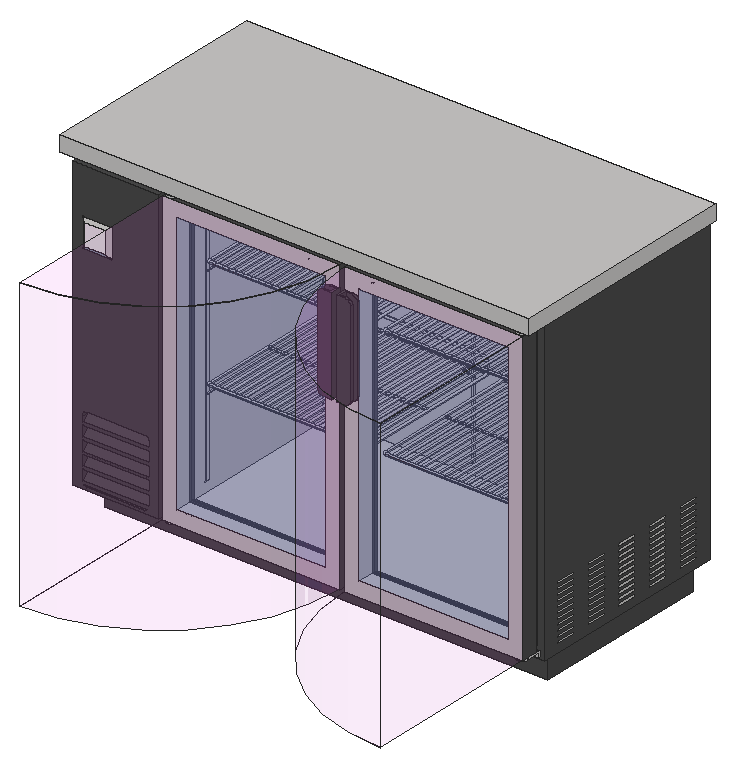
Revit family "QF_Kelvinator_738272_KCHBB48G_2-Glass_Door_Back_Bar_Refrigerator_Black_49_Long", category Specialty Equipment, Revit 2021
Family settings
  Round Connector Dimension = Use Diameter
  Part Type = Normal
  Work Plane-Based = No
  Always vertical = Yes
  Cut with Voids When Loaded = No
  Shared = No
  Room Calculation Point = No
Parameters
  Weight in Pounds = 231.485
  Watts = 300 W
  Volts = 115 V
  URL Cutsheet = ""
  Specification by User = ""
  Specification by Manufacturer = ""
  Serial Number = ""
  Seismic Rating = ""
  SMACNA No = ""
  Revision Code = ""
  Refrigerant Type = "R290"
  Phase = 1
  Number of Poles = 1
  NAFEM Spec ID Number = ""
  Model = "738272 (KCHBB48G)"
  Min Ckt Ampacity = 0 A
  Max Overcurrent Protection = 0 A
  Masterspec = ""
  Manufacturer = "Kelvinator Commercial"
  Length = 49.094"
  Item Number = "738272"
  Installed By = ""
  Identify Quantity as Lot = yes
  Height = 36.220"
  HP = "1/5"
  Furnished By = ""
  Foodservice Equipment Identifier = yes
  FL Amps = 3 A
  Electrical Remarks = ""
  Electric Connection Type = ""
  Elec Conn RI Height = 0.000"
  Elec Conn Connection Height = 0.000"
  Description = "2-Glass Door Back Bar Refrigerator Black 49\" Long"
  Depth = 24.409"
  Default Elevation = 0.000"
  Cycle = 60 Hz
  Conn Plug = "5-15P"
  Conn Conduit = yes
  CSI MasterFormat = ""
  Apparent Power = 0 VA
Reference planes (in)
  plane 1 "BACK": y = 0
  plane 2: z = 0
  plane 3 "LEFT": x = 0
  plane 4 "RIGHT": x = 49.094
  plane 5 "FRONT": y = -24.409
  plane 6 "TOP": z = 36.22
  plane 7 "Center Y": x = 24.547
  plane 8 "Center X": y = -12.2045
Dimensions and locks (in)
  equal spacing: plane 3 "LEFT", plane 7 "Center Y", plane 4 "RIGHT"
  "Length": plane 3 "LEFT" to plane 4 "RIGHT"
  equal spacing: plane 5 "FRONT", plane 8 "Center X", plane 1 "BACK"
  "Depth": plane 5 "FRONT" to plane 1 "BACK"
  "Height": plane 6 "TOP" to level
  aligned and locked: level to plane 2
Nested families (in)
  nested 1: "KCHBB48S" at (0, 0, 0), type "KCHBB48S"
    with Show Clearance yes
Connectors (in)
  electrical at (24.53125, -0.715, 2.1875), driven by "Volts", driven by "Watts"
    settings: on nested 1, index 1, voltage 115 V, apparent load 300 VA, apparent load phase1 0 VA, apparent load phase2 0 VA, apparent load phase3 0 VA, power factor 1, load classification "Other", number of poles 1, system type 30, power factor state 1, is connector primary yes, connector utility no, sub classification motor no, connector description ""
Definition of nested family "KCHBB48S"
  Parameters (values of type "KCHBB48S")
    Weight in Pounds = 0
    URL Cutsheet = ""
    Specification by User = ""
    Specification by Manufacturer = ""
    Show Clearance [instance] = yes
    Serial Number = ""
    Seismic Rating = ""
    SMACNA No = ""
    Revision Code = ""
    NAFEM Spec ID Number = ""
    Masterspec = ""
    Length = 49.0625"
    Item Number = ""
    Installed By = ""
    Identify Quantity as Lot = yes
    Height = 36.1875"
    Furnished By = ""
    Foodservice Equipment Identifier = yes
    Depth = 24.4375"
    Default Elevation = 0.000"
    CSI MasterFormat = ""
  Reference planes (in)
    plane 1 "BACK": y = 0
    plane 2: z = 0
    plane 3 "LEFT": x = 0
    plane 4 "RIGHT": x = 49.0625
    plane 5 "FRONT": y = -24.4375
    plane 6 "TOP": z = 36.1875
    plane 7 "Center Y": x = 24.53125
    plane 8 "Center X": y = -12.21875
    plane 9: x = 48.46875
    plane 10: x = 0.59375
    plane 11: x = 47.96875
    plane 12: x = 29.36875
    plane 13: x = 28.86875
    plane 14: x = 10.26875
    plane 15: x = 9.93375
    plane 16: x = 0.93375
    plane 17: z = 2.6875
    plane 18: z = 34.5875
    plane 19: y = -40.8
    plane 20: y = -21.6
    plane 21: x = 1.34375
    plane 22: x = 47.71875
    plane 23: y = -1.34
    plane 24: y = -20.26
    plane 25: z = 33.8375
    plane 26: z = 3.4375
    plane 27: y = -22.1
    plane 28: x = 1.93375
    plane 29: x = 8.93375
    plane 30: x = 10.96025
  Forms (in)
    Extrusion 1, solid
      sketch origin (0.59375, -180, -2.6612) x (0, 0, -1) y (0, -1, 0)
        loop
          line (-5.3487, -180) -> (-5.3487, -158.4) -> (-37.2487, -158.4) -> (-37.2487, -180) -> (-5.3487, -180)
      from 0 to -47.875
    Extrusion 2, solid
      sketch origin (0, 0, 0) x (0, 1, 0) y (0, 0, 1)
        loop
          line (-24.4375, 36.1875) -> (-24.4375, 34.5875) -> (0, 34.5875) -> (0, 36.1875) -> (-24.4375, 36.1875)
      from 0 to 49.0625
    Extrusion 3, solid
      sketch origin (0, -1.34, 0) x (0, 0, -1) y (1, 0, 0)
        loop
          line (-2.6875, 1.34375) -> (0, 1.34375) -> (0, 47.71875) -> (-2.6875, 47.71875) -> (-2.6875, 1.34375)
      from 0 to 18.92
    Extrusion 4, solid
      sketch origin (0, -22.1, 34.5875) x (0, 0, 1) y (1, 0, 0)
        loop
          line (-0.75, 0.93375) -> (-0.75, 9.93375) -> (-31.15, 9.93375) -> (-31.15, 0.93375) -> (-0.75, 0.93375)
      from 0.5 to -1.75
    Extrusion 5, void
      sketch origin (1.93375, -180, 12.66737) x (0, 0, -1) y (0, -1, 0)
        loop
          line (8.97987, -157.025) -> (8.97987, -154.65) -> (1.85487, -154.65) -> (1.85487, -157.025) -> (2.10487, -157.025) -> (2.97987, -156.15) -> (3.22987, -156.15) -> (3.22987, -157.025) -> (3.47987, -157.025) -> (4.35487, -156.15) -> (4.60487, -156.15) -> (4.60487, -157.025) -> (4.85487, -157.025) -> (5.72987, -156.15) -> (5.97987, -156.15) -> (5.97987, -157.025) -> (6.22987, -157.025) -> (7.10487, -156.15) -> (7.35487, -156.15) -> (7.35487, -157.025) -> (7.60487, -157.025) -> (8.47987, -156.15) -> (8.72987, -156.15) -> (8.72987, -157.025) -> (8.97987, -157.025)
      from 0 to -7
    Extrusion 6, solid
      sketch origin (47.96875, -23.85, 3.4375) x (0, 0, 1) y (-1, 0, 0)
        loop
          line (7.375, 39.535) -> (7.375, 45.535)
          arc (7.375, 45.535) -> (7.22855, 45.88855) -> (6.875, 46.035) r 0.5
          line (6.875, 46.035) -> (0.75, 46.035)
          arc (0.75, 46.035) -> (0.39645, 45.88855) -> (0.25, 45.535) r 0.5
          line (0.25, 45.535) -> (0.25, 39.535)
          arc (0.25, 39.535) -> (0.39645, 39.18145) -> (0.75, 39.035) r 0.5
          line (0.75, 39.035) -> (6.875, 39.035)
          arc (6.875, 39.035) -> (7.22855, 39.18145) -> (7.375, 39.535) r 0.5
        loop
          line (7.625, 39.535) -> (7.625, 45.535)
          arc (7.625, 45.535) -> (7.40533, 46.06533) -> (6.875, 46.285) r 0.75
          line (6.875, 46.285) -> (0.75, 46.285)
          arc (0.75, 46.285) -> (0.21967, 46.06533) -> (0, 45.535) r 0.75
          line (0, 45.535) -> (0, 39.535)
          arc (0, 39.535) -> (0.21967, 39.00467) -> (0.75, 38.785) r 0.75
          line (0.75, 38.785) -> (6.875, 38.785)
          arc (6.875, 38.785) -> (7.40533, 39.00467) -> (7.625, 39.535) r 0.75
      from 0 to -0.875
    Blend 7, solid
      base sketch origin (47.96875, -23.85, 3.4375) x (0, 0, 1) y (-1, 0, 0)
        loop
          line (25.18493, 45.65025) -> (22.93493, 45.65025) -> (22.93493, 43.40025) -> (25.18493, 43.40025) -> (25.18493, 45.65025)
      top sketch origin (47.96875, -23.85, 3.4375) x (0, 0, 1) y (-1, 0, 0)
        loop
          line (25.56493, 46.03025) -> (22.55493, 46.03025) -> (22.55493, 43.02025) -> (25.56493, 43.02025) -> (25.56493, 46.03025)
      from 0.21643 to 0
    Extrusion 8, void
      sketch origin (0.59375, -180, -2.6612) x (0, 0, 1) y (0, -1, 0)
        loop
          arc (12.07129, -160.16063) -> (11.91504, -160.00438) -> (11.75879, -160.16063) r 0.15625
          line (11.75879, -160.16063) -> (11.75879, -162.09813)
          arc (11.75879, -162.09813) -> (11.91504, -162.25438) -> (12.07129, -162.09813) r 0.15625
          line (12.07129, -162.09813) -> (12.07129, -160.16063)
        loop
          arc (11.50879, -160.16063) -> (11.35254, -160.00438) -> (11.19629, -160.16063) r 0.15625
          line (11.19629, -160.16063) -> (11.19629, -162.09813)
          arc (11.19629, -162.09813) -> (11.35254, -162.25438) -> (11.50879, -162.09813) r 0.15625
          line (11.50879, -162.09813) -> (11.50879, -160.16063)
        loop
          arc (10.94629, -160.16063) -> (10.79004, -160.00438) -> (10.63379, -160.16063) r 0.15625
          line (10.63379, -160.16063) -> (10.63379, -162.09813)
          arc (10.63379, -162.09813) -> (10.79004, -162.25438) -> (10.94629, -162.09813) r 0.15625
          line (10.94629, -162.09813) -> (10.94629, -160.16063)
        loop
          arc (10.38379, -160.16063) -> (10.22754, -160.00438) -> (10.07129, -160.16063) r 0.15625
          line (10.07129, -160.16063) -> (10.07129, -162.09813)
          arc (10.07129, -162.09813) -> (10.22754, -162.25438) -> (10.38379, -162.09813) r 0.15625
          line (10.38379, -162.09813) -> (10.38379, -160.16063)
        loop
          arc (9.82129, -160.16063) -> (9.66504, -160.00438) -> (9.50879, -160.16063) r 0.15625
          line (9.50879, -160.16063) -> (9.50879, -162.09813)
          arc (9.50879, -162.09813) -> (9.66504, -162.25438) -> (9.82129, -162.09813) r 0.15625
          line (9.82129, -162.09813) -> (9.82129, -160.16063)
        loop
          arc (9.25879, -160.16063) -> (9.10254, -160.00438) -> (8.94629, -160.16063) r 0.15625
          line (8.94629, -160.16063) -> (8.94629, -162.09813)
          arc (8.94629, -162.09813) -> (9.10254, -162.25438) -> (9.25879, -162.09813) r 0.15625
          line (9.25879, -162.09813) -> (9.25879, -160.16063)
        loop
          arc (8.69629, -160.16063) -> (8.54004, -160.00438) -> (8.38379, -160.16063) r 0.15625
          line (8.38379, -160.16063) -> (8.38379, -162.09813)
          arc (8.38379, -162.09813) -> (8.54004, -162.25438) -> (8.69629, -162.09813) r 0.15625
          line (8.69629, -162.09813) -> (8.69629, -160.16063)
        loop
          arc (8.13379, -160.16063) -> (7.97754, -160.00438) -> (7.82129, -160.16063) r 0.15625
          line (7.82129, -160.16063) -> (7.82129, -162.09813)
          arc (7.82129, -162.09813) -> (7.97754, -162.25438) -> (8.13379, -162.09813) r 0.15625
          line (8.13379, -162.09813) -> (8.13379, -160.16063)
        loop
          arc (7.57129, -160.16063) -> (7.41504, -160.00438) -> (7.25879, -160.16063) r 0.15625
          line (7.25879, -160.16063) -> (7.25879, -162.09813)
          arc (7.25879, -162.09813) -> (7.41504, -162.25438) -> (7.57129, -162.09813) r 0.15625
          line (7.57129, -162.09813) -> (7.57129, -160.16063)
        loop
          arc (7.00879, -160.16063) -> (6.85254, -160.00438) -> (6.69629, -160.16063) r 0.15625
          line (6.69629, -160.16063) -> (6.69629, -162.09813)
          arc (6.69629, -162.09813) -> (6.85254, -162.25438) -> (7.00879, -162.09813) r 0.15625
          line (7.00879, -162.09813) -> (7.00879, -160.16063)
        loop
          arc (6.44629, -160.16063) -> (6.29004, -160.00438) -> (6.13379, -160.16063) r 0.15625
          line (6.13379, -160.16063) -> (6.13379, -162.09813)
          arc (6.13379, -162.09813) -> (6.29004, -162.25438) -> (6.44629, -162.09813) r 0.15625
          line (6.44629, -162.09813) -> (6.44629, -160.16063)
        loop
          arc (12.07129, -164.16063) -> (11.91504, -164.00438) -> (11.75879, -164.16063) r 0.15625
          line (11.75879, -164.16063) -> (11.75879, -166.09813)
          arc (11.75879, -166.09813) -> (11.91504, -166.25438) -> (12.07129, -166.09813) r 0.15625
          line (12.07129, -166.09813) -> (12.07129, -164.16063)
        loop
          arc (11.50879, -164.16063) -> (11.35254, -164.00438) -> (11.19629, -164.16063) r 0.15625
          line (11.19629, -164.16063) -> (11.19629, -166.09813)
          arc (11.19629, -166.09813) -> (11.35254, -166.25438) -> (11.50879, -166.09813) r 0.15625
          line (11.50879, -166.09813) -> (11.50879, -164.16063)
        loop
          arc (10.94629, -164.16063) -> (10.79004, -164.00438) -> (10.63379, -164.16063) r 0.15625
          line (10.63379, -164.16063) -> (10.63379, -166.09813)
          arc (10.63379, -166.09813) -> (10.79004, -166.25438) -> (10.94629, -166.09813) r 0.15625
          line (10.94629, -166.09813) -> (10.94629, -164.16063)
        loop
          arc (10.38379, -164.16063) -> (10.22754, -164.00438) -> (10.07129, -164.16063) r 0.15625
          line (10.07129, -164.16063) -> (10.07129, -166.09813)
          arc (10.07129, -166.09813) -> (10.22754, -166.25438) -> (10.38379, -166.09813) r 0.15625
          line (10.38379, -166.09813) -> (10.38379, -164.16063)
        loop
          arc (9.82129, -164.16063) -> (9.66504, -164.00438) -> (9.50879, -164.16063) r 0.15625
          line (9.50879, -164.16063) -> (9.50879, -166.09813)
          arc (9.50879, -166.09813) -> (9.66504, -166.25438) -> (9.82129, -166.09813) r 0.15625
          line (9.82129, -166.09813) -> (9.82129, -164.16063)
        loop
          arc (9.25879, -164.16063) -> (9.10254, -164.00438) -> (8.94629, -164.16063) r 0.15625
          line (8.94629, -164.16063) -> (8.94629, -166.09813)
          arc (8.94629, -166.09813) -> (9.10254, -166.25438) -> (9.25879, -166.09813) r 0.15625
          line (9.25879, -166.09813) -> (9.25879, -164.16063)
        loop
          arc (8.69629, -164.16063) -> (8.54004, -164.00438) -> (8.38379, -164.16063) r 0.15625
          line (8.38379, -164.16063) -> (8.38379, -166.09813)
          arc (8.38379, -166.09813) -> (8.54004, -166.25438) -> (8.69629, -166.09813) r 0.15625
          line (8.69629, -166.09813) -> (8.69629, -164.16063)
        loop
          arc (8.13379, -164.16063) -> (7.97754, -164.00438) -> (7.82129, -164.16063) r 0.15625
          line (7.82129, -164.16063) -> (7.82129, -166.09813)
          arc (7.82129, -166.09813) -> (7.97754, -166.25438) -> (8.13379, -166.09813) r 0.15625
          line (8.13379, -166.09813) -> (8.13379, -164.16063)
        loop
          arc (7.57129, -164.16063) -> (7.41504, -164.00438) -> (7.25879, -164.16063) r 0.15625
          line (7.25879, -164.16063) -> (7.25879, -166.09813)
          arc (7.25879, -166.09813) -> (7.41504, -166.25438) -> (7.57129, -166.09813) r 0.15625
          line (7.57129, -166.09813) -> (7.57129, -164.16063)
        loop
          arc (7.00879, -164.16063) -> (6.85254, -164.00438) -> (6.69629, -164.16063) r 0.15625
          line (6.69629, -164.16063) -> (6.69629, -166.09813)
          arc (6.69629, -166.09813) -> (6.85254, -166.25438) -> (7.00879, -166.09813) r 0.15625
          line (7.00879, -166.09813) -> (7.00879, -164.16063)
        loop
          arc (6.44629, -164.16063) -> (6.29004, -164.00438) -> (6.13379, -164.16063) r 0.15625
          line (6.13379, -164.16063) -> (6.13379, -166.09813)
          arc (6.13379, -166.09813) -> (6.29004, -166.25438) -> (6.44629, -166.09813) r 0.15625
          line (6.44629, -166.09813) -> (6.44629, -164.16063)
        loop
          arc (12.07129, -168.16063) -> (11.91504, -168.00438) -> (11.75879, -168.16063) r 0.15625
          line (11.75879, -168.16063) -> (11.75879, -170.09813)
          arc (11.75879, -170.09813) -> (11.91504, -170.25438) -> (12.07129, -170.09813) r 0.15625
          line (12.07129, -170.09813) -> (12.07129, -168.16063)
        loop
          arc (11.50879, -168.16063) -> (11.35254, -168.00438) -> (11.19629, -168.16063) r 0.15625
          line (11.19629, -168.16063) -> (11.19629, -170.09813)
          arc (11.19629, -170.09813) -> (11.35254, -170.25438) -> (11.50879, -170.09813) r 0.15625
          line (11.50879, -170.09813) -> (11.50879, -168.16063)
        loop
          arc (10.94629, -168.16063) -> (10.79004, -168.00438) -> (10.63379, -168.16063) r 0.15625
          line (10.63379, -168.16063) -> (10.63379, -170.09813)
          arc (10.63379, -170.09813) -> (10.79004, -170.25438) -> (10.94629, -170.09813) r 0.15625
          line (10.94629, -170.09813) -> (10.94629, -168.16063)
        loop
          arc (10.38379, -168.16063) -> (10.22754, -168.00438) -> (10.07129, -168.16063) r 0.15625
          line (10.07129, -168.16063) -> (10.07129, -170.09813)
          arc (10.07129, -170.09813) -> (10.22754, -170.25438) -> (10.38379, -170.09813) r 0.15625
          line (10.38379, -170.09813) -> (10.38379, -168.16063)
        loop
          arc (9.82129, -168.16063) -> (9.66504, -168.00438) -> (9.50879, -168.16063) r 0.15625
          line (9.50879, -168.16063) -> (9.50879, -170.09813)
          arc (9.50879, -170.09813) -> (9.66504, -170.25438) -> (9.82129, -170.09813) r 0.15625
          line (9.82129, -170.09813) -> (9.82129, -168.16063)
        loop
          arc (9.25879, -168.16063) -> (9.10254, -168.00438) -> (8.94629, -168.16063) r 0.15625
          line (8.94629, -168.16063) -> (8.94629, -170.09813)
          arc (8.94629, -170.09813) -> (9.10254, -170.25438) -> (9.25879, -170.09813) r 0.15625
          line (9.25879, -170.09813) -> (9.25879, -168.16063)
        loop
          arc (8.69629, -168.16063) -> (8.54004, -168.00438) -> (8.38379, -168.16063) r 0.15625
          line (8.38379, -168.16063) -> (8.38379, -170.09813)
          arc (8.38379, -170.09813) -> (8.54004, -170.25438) -> (8.69629, -170.09813) r 0.15625
          line (8.69629, -170.09813) -> (8.69629, -168.16063)
        loop
          arc (8.13379, -168.16063) -> (7.97754, -168.00438) -> (7.82129, -168.16063) r 0.15625
          line (7.82129, -168.16063) -> (7.82129, -170.09813)
          arc (7.82129, -170.09813) -> (7.97754, -170.25438) -> (8.13379, -170.09813) r 0.15625
          line (8.13379, -170.09813) -> (8.13379, -168.16063)
        loop
          arc (7.57129, -168.16063) -> (7.41504, -168.00438) -> (7.25879, -168.16063) r 0.15625
          line (7.25879, -168.16063) -> (7.25879, -170.09813)
          arc (7.25879, -170.09813) -> (7.41504, -170.25438) -> (7.57129, -170.09813) r 0.15625
          line (7.57129, -170.09813) -> (7.57129, -168.16063)
        loop
          arc (7.00879, -168.16063) -> (6.85254, -168.00438) -> (6.69629, -168.16063) r 0.15625
          line (6.69629, -168.16063) -> (6.69629, -170.09813)
          arc (6.69629, -170.09813) -> (6.85254, -170.25438) -> (7.00879, -170.09813) r 0.15625
          line (7.00879, -170.09813) -> (7.00879, -168.16063)
        loop
          arc (6.44629, -168.16063) -> (6.29004, -168.00438) -> (6.13379, -168.16063) r 0.15625
          line (6.13379, -168.16063) -> (6.13379, -170.09813)
          arc (6.13379, -170.09813) -> (6.29004, -170.25438) -> (6.44629, -170.09813) r 0.15625
          line (6.44629, -170.09813) -> (6.44629, -168.16063)
        loop
          arc (12.07129, -172.16063) -> (11.91504, -172.00438) -> (11.75879, -172.16063) r 0.15625
          line (11.75879, -172.16063) -> (11.75879, -174.09813)
          arc (11.75879, -174.09813) -> (11.91504, -174.25438) -> (12.07129, -174.09813) r 0.15625
          line (12.07129, -174.09813) -> (12.07129, -172.16063)
        loop
          arc (11.50879, -172.16063) -> (11.35254, -172.00438) -> (11.19629, -172.16063) r 0.15625
          line (11.19629, -172.16063) -> (11.19629, -174.09813)
          arc (11.19629, -174.09813) -> (11.35254, -174.25438) -> (11.50879, -174.09813) r 0.15625
          line (11.50879, -174.09813) -> (11.50879, -172.16063)
        loop
          arc (10.94629, -172.16063) -> (10.79004, -172.00438) -> (10.63379, -172.16063) r 0.15625
          line (10.63379, -172.16063) -> (10.63379, -174.09813)
          arc (10.63379, -174.09813) -> (10.79004, -174.25438) -> (10.94629, -174.09813) r 0.15625
          line (10.94629, -174.09813) -> (10.94629, -172.16063)
        loop
          arc (10.38379, -172.16063) -> (10.22754, -172.00438) -> (10.07129, -172.16063) r 0.15625
          line (10.07129, -172.16063) -> (10.07129, -174.09813)
          arc (10.07129, -174.09813) -> (10.22754, -174.25438) -> (10.38379, -174.09813) r 0.15625
          line (10.38379, -174.09813) -> (10.38379, -172.16063)
        loop
          arc (9.82129, -172.16063) -> (9.66504, -172.00438) -> (9.50879, -172.16063) r 0.15625
          line (9.50879, -172.16063) -> (9.50879, -174.09813)
          arc (9.50879, -174.09813) -> (9.66504, -174.25438) -> (9.82129, -174.09813) r 0.15625
          line (9.82129, -174.09813) -> (9.82129, -172.16063)
        loop
          arc (9.25879, -172.16063) -> (9.10254, -172.00438) -> (8.94629, -172.16063) r 0.15625
          line (8.94629, -172.16063) -> (8.94629, -174.09813)
          arc (8.94629, -174.09813) -> (9.10254, -174.25438) -> (9.25879, -174.09813) r 0.15625
          line (9.25879, -174.09813) -> (9.25879, -172.16063)
        loop
          arc (8.69629, -172.16063) -> (8.54004, -172.00438) -> (8.38379, -172.16063) r 0.15625
          line (8.38379, -172.16063) -> (8.38379, -174.09813)
          arc (8.38379, -174.09813) -> (8.54004, -174.25438) -> (8.69629, -174.09813) r 0.15625
          line (8.69629, -174.09813) -> (8.69629, -172.16063)
        loop
          arc (8.13379, -172.16063) -> (7.97754, -172.00438) -> (7.82129, -172.16063) r 0.15625
          line (7.82129, -172.16063) -> (7.82129, -174.09813)
          arc (7.82129, -174.09813) -> (7.97754, -174.25438) -> (8.13379, -174.09813) r 0.15625
          line (8.13379, -174.09813) -> (8.13379, -172.16063)
        loop
          arc (7.57129, -172.16063) -> (7.41504, -172.00438) -> (7.25879, -172.16063) r 0.15625
          line (7.25879, -172.16063) -> (7.25879, -174.09813)
          arc (7.25879, -174.09813) -> (7.41504, -174.25438) -> (7.57129, -174.09813) r 0.15625
          line (7.57129, -174.09813) -> (7.57129, -172.16063)
        loop
          arc (7.00879, -172.16063) -> (6.85254, -172.00438) -> (6.69629, -172.16063) r 0.15625
          line (6.69629, -172.16063) -> (6.69629, -174.09813)
          arc (6.69629, -174.09813) -> (6.85254, -174.25438) -> (7.00879, -174.09813) r 0.15625
          line (7.00879, -174.09813) -> (7.00879, -172.16063)
        loop
          arc (6.44629, -172.16063) -> (6.29004, -172.00438) -> (6.13379, -172.16063) r 0.15625
          line (6.13379, -172.16063) -> (6.13379, -174.09813)
          arc (6.13379, -174.09813) -> (6.29004, -174.25438) -> (6.44629, -174.09813) r 0.15625
          line (6.44629, -174.09813) -> (6.44629, -172.16063)
        loop
          arc (12.07129, -176.16063) -> (11.91504, -176.00438) -> (11.75879, -176.16063) r 0.15625
          line (11.75879, -176.16063) -> (11.75879, -178.09813)
          arc (11.75879, -178.09813) -> (11.91504, -178.25438) -> (12.07129, -178.09813) r 0.15625
          line (12.07129, -178.09813) -> (12.07129, -176.16063)
        loop
          arc (11.50879, -176.16063) -> (11.35254, -176.00438) -> (11.19629, -176.16063) r 0.15625
          line (11.19629, -176.16063) -> (11.19629, -178.09813)
          arc (11.19629, -178.09813) -> (11.35254, -178.25438) -> (11.50879, -178.09813) r 0.15625
          line (11.50879, -178.09813) -> (11.50879, -176.16063)
        loop
          arc (10.94629, -176.16063) -> (10.79004, -176.00438) -> (10.63379, -176.16063) r 0.15625
          line (10.63379, -176.16063) -> (10.63379, -178.09813)
          arc (10.63379, -178.09813) -> (10.79004, -178.25438) -> (10.94629, -178.09813) r 0.15625
          line (10.94629, -178.09813) -> (10.94629, -176.16063)
        loop
          arc (10.38379, -176.16063) -> (10.22754, -176.00438) -> (10.07129, -176.16063) r 0.15625
          line (10.07129, -176.16063) -> (10.07129, -178.09813)
          arc (10.07129, -178.09813) -> (10.22754, -178.25438) -> (10.38379, -178.09813) r 0.15625
          line (10.38379, -178.09813) -> (10.38379, -176.16063)
        loop
          arc (9.82129, -176.16063) -> (9.66504, -176.00438) -> (9.50879, -176.16063) r 0.15625
          line (9.50879, -176.16063) -> (9.50879, -178.09813)
          arc (9.50879, -178.09813) -> (9.66504, -178.25438) -> (9.82129, -178.09813) r 0.15625
          line (9.82129, -178.09813) -> (9.82129, -176.16063)
        loop
          arc (9.25879, -176.16063) -> (9.10254, -176.00438) -> (8.94629, -176.16063) r 0.15625
          line (8.94629, -176.16063) -> (8.94629, -178.09813)
          arc (8.94629, -178.09813) -> (9.10254, -178.25438) -> (9.25879, -178.09813) r 0.15625
          line (9.25879, -178.09813) -> (9.25879, -176.16063)
        loop
          arc (8.69629, -176.16063) -> (8.54004, -176.00438) -> (8.38379, -176.16063) r 0.15625
          line (8.38379, -176.16063) -> (8.38379, -178.09813)
          arc (8.38379, -178.09813) -> (8.54004, -178.25438) -> (8.69629, -178.09813) r 0.15625
          line (8.69629, -178.09813) -> (8.69629, -176.16063)
        loop
          arc (8.13379, -176.16063) -> (7.97754, -176.00438) -> (7.82129, -176.16063) r 0.15625
          line (7.82129, -176.16063) -> (7.82129, -178.09813)
          arc (7.82129, -178.09813) -> (7.97754, -178.25438) -> (8.13379, -178.09813) r 0.15625
          line (8.13379, -178.09813) -> (8.13379, -176.16063)
        loop
          arc (7.57129, -176.16063) -> (7.41504, -176.00438) -> (7.25879, -176.16063) r 0.15625
          line (7.25879, -176.16063) -> (7.25879, -178.09813)
          arc (7.25879, -178.09813) -> (7.41504, -178.25438) -> (7.57129, -178.09813) r 0.15625
          line (7.57129, -178.09813) -> (7.57129, -176.16063)
        loop
          arc (7.00879, -176.16063) -> (6.85254, -176.00438) -> (6.69629, -176.16063) r 0.15625
          line (6.69629, -176.16063) -> (6.69629, -178.09813)
          arc (6.69629, -178.09813) -> (6.85254, -178.25438) -> (7.00879, -178.09813) r 0.15625
          line (7.00879, -178.09813) -> (7.00879, -176.16063)
        loop
          arc (6.44629, -176.16063) -> (6.29004, -176.00438) -> (6.13379, -176.16063) r 0.15625
          line (6.13379, -176.16063) -> (6.13379, -178.09813)
          arc (6.13379, -178.09813) -> (6.29004, -178.25438) -> (6.44629, -178.09813) r 0.15625
          line (6.44629, -178.09813) -> (6.44629, -176.16063)
      from 0 to 0.03
    Extrusion 9, void
      sketch origin (48.46875, -180, -2.6612) x (0, 0, 1) y (0, 1, 0)
        loop
          line (12.07129, 160.16063) -> (12.07129, 162.09813)
          arc (12.07129, 162.09813) -> (11.91504, 162.25438) -> (11.75879, 162.09813) r 0.15625
          line (11.75879, 162.09813) -> (11.75879, 160.16063)
          arc (11.75879, 160.16063) -> (11.91504, 160.00438) -> (12.07129, 160.16063) r 0.15625
        loop
          line (11.50879, 160.16063) -> (11.50879, 162.09813)
          arc (11.50879, 162.09813) -> (11.35254, 162.25438) -> (11.19629, 162.09813) r 0.15625
          line (11.19629, 162.09813) -> (11.19629, 160.16063)
          arc (11.19629, 160.16063) -> (11.35254, 160.00438) -> (11.50879, 160.16063) r 0.15625
        loop
          line (10.94629, 160.16063) -> (10.94629, 162.09813)
          arc (10.94629, 162.09813) -> (10.79004, 162.25438) -> (10.63379, 162.09813) r 0.15625
          line (10.63379, 162.09813) -> (10.63379, 160.16063)
          arc (10.63379, 160.16063) -> (10.79004, 160.00438) -> (10.94629, 160.16063) r 0.15625
        loop
          line (10.38379, 160.16063) -> (10.38379, 162.09813)
          arc (10.38379, 162.09813) -> (10.22754, 162.25438) -> (10.07129, 162.09813) r 0.15625
          line (10.07129, 162.09813) -> (10.07129, 160.16063)
          arc (10.07129, 160.16063) -> (10.22754, 160.00438) -> (10.38379, 160.16063) r 0.15625
        loop
          line (9.82129, 160.16063) -> (9.82129, 162.09813)
          arc (9.82129, 162.09813) -> (9.66504, 162.25438) -> (9.50879, 162.09813) r 0.15625
          line (9.50879, 162.09813) -> (9.50879, 160.16063)
          arc (9.50879, 160.16063) -> (9.66504, 160.00438) -> (9.82129, 160.16063) r 0.15625
        loop
          line (9.25879, 160.16063) -> (9.25879, 162.09813)
          arc (9.25879, 162.09813) -> (9.10254, 162.25438) -> (8.94629, 162.09813) r 0.15625
          line (8.94629, 162.09813) -> (8.94629, 160.16063)
          arc (8.94629, 160.16063) -> (9.10254, 160.00438) -> (9.25879, 160.16063) r 0.15625
        loop
          line (8.69629, 160.16063) -> (8.69629, 162.09813)
          arc (8.69629, 162.09813) -> (8.54004, 162.25438) -> (8.38379, 162.09813) r 0.15625
          line (8.38379, 162.09813) -> (8.38379, 160.16063)
          arc (8.38379, 160.16063) -> (8.54004, 160.00438) -> (8.69629, 160.16063) r 0.15625
        loop
          line (8.13379, 160.16063) -> (8.13379, 162.09813)
          arc (8.13379, 162.09813) -> (7.97754, 162.25438) -> (7.82129, 162.09813) r 0.15625
          line (7.82129, 162.09813) -> (7.82129, 160.16063)
          arc (7.82129, 160.16063) -> (7.97754, 160.00438) -> (8.13379, 160.16063) r 0.15625
        loop
          line (7.57129, 160.16063) -> (7.57129, 162.09813)
          arc (7.57129, 162.09813) -> (7.41504, 162.25438) -> (7.25879, 162.09813) r 0.15625
          line (7.25879, 162.09813) -> (7.25879, 160.16063)
          arc (7.25879, 160.16063) -> (7.41504, 160.00438) -> (7.57129, 160.16063) r 0.15625
        loop
          line (7.00879, 160.16063) -> (7.00879, 162.09813)
          arc (7.00879, 162.09813) -> (6.85254, 162.25438) -> (6.69629, 162.09813) r 0.15625
          line (6.69629, 162.09813) -> (6.69629, 160.16063)
          arc (6.69629, 160.16063) -> (6.85254, 160.00438) -> (7.00879, 160.16063) r 0.15625
        loop
          line (6.44629, 160.16063) -> (6.44629, 162.09813)
          arc (6.44629, 162.09813) -> (6.29004, 162.25438) -> (6.13379, 162.09813) r 0.15625
          line (6.13379, 162.09813) -> (6.13379, 160.16063)
          arc (6.13379, 160.16063) -> (6.29004, 160.00438) -> (6.44629, 160.16063) r 0.15625
        loop
          line (12.07129, 164.16063) -> (12.07129, 166.09813)
          arc (12.07129, 166.09813) -> (11.91504, 166.25438) -> (11.75879, 166.09813) r 0.15625
          line (11.75879, 166.09813) -> (11.75879, 164.16063)
          arc (11.75879, 164.16063) -> (11.91504, 164.00438) -> (12.07129, 164.16063) r 0.15625
        loop
          line (11.50879, 164.16063) -> (11.50879, 166.09813)
          arc (11.50879, 166.09813) -> (11.35254, 166.25438) -> (11.19629, 166.09813) r 0.15625
          line (11.19629, 166.09813) -> (11.19629, 164.16063)
          arc (11.19629, 164.16063) -> (11.35254, 164.00438) -> (11.50879, 164.16063) r 0.15625
        loop
          line (10.94629, 164.16063) -> (10.94629, 166.09813)
          arc (10.94629, 166.09813) -> (10.79004, 166.25438) -> (10.63379, 166.09813) r 0.15625
          line (10.63379, 166.09813) -> (10.63379, 164.16063)
          arc (10.63379, 164.16063) -> (10.79004, 164.00438) -> (10.94629, 164.16063) r 0.15625
        loop
          line (10.38379, 164.16063) -> (10.38379, 166.09813)
          arc (10.38379, 166.09813) -> (10.22754, 166.25438) -> (10.07129, 166.09813) r 0.15625
          line (10.07129, 166.09813) -> (10.07129, 164.16063)
          arc (10.07129, 164.16063) -> (10.22754, 164.00438) -> (10.38379, 164.16063) r 0.15625
        loop
          line (9.82129, 164.16063) -> (9.82129, 166.09813)
          arc (9.82129, 166.09813) -> (9.66504, 166.25438) -> (9.50879, 166.09813) r 0.15625
          line (9.50879, 166.09813) -> (9.50879, 164.16063)
          arc (9.50879, 164.16063) -> (9.66504, 164.00438) -> (9.82129, 164.16063) r 0.15625
        loop
          line (9.25879, 164.16063) -> (9.25879, 166.09813)
          arc (9.25879, 166.09813) -> (9.10254, 166.25438) -> (8.94629, 166.09813) r 0.15625
          line (8.94629, 166.09813) -> (8.94629, 164.16063)
          arc (8.94629, 164.16063) -> (9.10254, 164.00438) -> (9.25879, 164.16063) r 0.15625
        loop
          line (8.69629, 164.16063) -> (8.69629, 166.09813)
          arc (8.69629, 166.09813) -> (8.54004, 166.25438) -> (8.38379, 166.09813) r 0.15625
          line (8.38379, 166.09813) -> (8.38379, 164.16063)
          arc (8.38379, 164.16063) -> (8.54004, 164.00438) -> (8.69629, 164.16063) r 0.15625
        loop
          line (8.13379, 164.16063) -> (8.13379, 166.09813)
          arc (8.13379, 166.09813) -> (7.97754, 166.25438) -> (7.82129, 166.09813) r 0.15625
          line (7.82129, 166.09813) -> (7.82129, 164.16063)
          arc (7.82129, 164.16063) -> (7.97754, 164.00438) -> (8.13379, 164.16063) r 0.15625
        loop
          line (7.57129, 164.16063) -> (7.57129, 166.09813)
          arc (7.57129, 166.09813) -> (7.41504, 166.25438) -> (7.25879, 166.09813) r 0.15625
          line (7.25879, 166.09813) -> (7.25879, 164.16063)
          arc (7.25879, 164.16063) -> (7.41504, 164.00438) -> (7.57129, 164.16063) r 0.15625
        loop
          line (7.00879, 164.16063) -> (7.00879, 166.09813)
          arc (7.00879, 166.09813) -> (6.85254, 166.25438) -> (6.69629, 166.09813) r 0.15625
          line (6.69629, 166.09813) -> (6.69629, 164.16063)
          arc (6.69629, 164.16063) -> (6.85254, 164.00438) -> (7.00879, 164.16063) r 0.15625
        loop
          line (6.44629, 164.16063) -> (6.44629, 166.09813)
          arc (6.44629, 166.09813) -> (6.29004, 166.25438) -> (6.13379, 166.09813) r 0.15625
          line (6.13379, 166.09813) -> (6.13379, 164.16063)
          arc (6.13379, 164.16063) -> (6.29004, 164.00438) -> (6.44629, 164.16063) r 0.15625
        loop
          line (12.07129, 168.16063) -> (12.07129, 170.09813)
          arc (12.07129, 170.09813) -> (11.91504, 170.25438) -> (11.75879, 170.09813) r 0.15625
          line (11.75879, 170.09813) -> (11.75879, 168.16063)
          arc (11.75879, 168.16063) -> (11.91504, 168.00438) -> (12.07129, 168.16063) r 0.15625
        loop
          line (11.50879, 168.16063) -> (11.50879, 170.09813)
          arc (11.50879, 170.09813) -> (11.35254, 170.25438) -> (11.19629, 170.09813) r 0.15625
          line (11.19629, 170.09813) -> (11.19629, 168.16063)
          arc (11.19629, 168.16063) -> (11.35254, 168.00438) -> (11.50879, 168.16063) r 0.15625
        loop
          line (10.94629, 168.16063) -> (10.94629, 170.09813)
          arc (10.94629, 170.09813) -> (10.79004, 170.25438) -> (10.63379, 170.09813) r 0.15625
          line (10.63379, 170.09813) -> (10.63379, 168.16063)
          arc (10.63379, 168.16063) -> (10.79004, 168.00438) -> (10.94629, 168.16063) r 0.15625
        loop
          line (10.38379, 168.16063) -> (10.38379, 170.09813)
          arc (10.38379, 170.09813) -> (10.22754, 170.25438) -> (10.07129, 170.09813) r 0.15625
          line (10.07129, 170.09813) -> (10.07129, 168.16063)
          arc (10.07129, 168.16063) -> (10.22754, 168.00438) -> (10.38379, 168.16063) r 0.15625
        loop
          line (9.82129, 168.16063) -> (9.82129, 170.09813)
          arc (9.82129, 170.09813) -> (9.66504, 170.25438) -> (9.50879, 170.09813) r 0.15625
          line (9.50879, 170.09813) -> (9.50879, 168.16063)
          arc (9.50879, 168.16063) -> (9.66504, 168.00438) -> (9.82129, 168.16063) r 0.15625
        loop
          line (9.25879, 168.16063) -> (9.25879, 170.09813)
          arc (9.25879, 170.09813) -> (9.10254, 170.25438) -> (8.94629, 170.09813) r 0.15625
          line (8.94629, 170.09813) -> (8.94629, 168.16063)
          arc (8.94629, 168.16063) -> (9.10254, 168.00438) -> (9.25879, 168.16063) r 0.15625
        loop
          line (8.69629, 168.16063) -> (8.69629, 170.09813)
          arc (8.69629, 170.09813) -> (8.54004, 170.25438) -> (8.38379, 170.09813) r 0.15625
          line (8.38379, 170.09813) -> (8.38379, 168.16063)
          arc (8.38379, 168.16063) -> (8.54004, 168.00438) -> (8.69629, 168.16063) r 0.15625
        loop
          line (8.13379, 168.16063) -> (8.13379, 170.09813)
          arc (8.13379, 170.09813) -> (7.97754, 170.25438) -> (7.82129, 170.09813) r 0.15625
          line (7.82129, 170.09813) -> (7.82129, 168.16063)
          arc (7.82129, 168.16063) -> (7.97754, 168.00438) -> (8.13379, 168.16063) r 0.15625
        loop
          line (7.57129, 168.16063) -> (7.57129, 170.09813)
          arc (7.57129, 170.09813) -> (7.41504, 170.25438) -> (7.25879, 170.09813) r 0.15625
          line (7.25879, 170.09813) -> (7.25879, 168.16063)
          arc (7.25879, 168.16063) -> (7.41504, 168.00438) -> (7.57129, 168.16063) r 0.15625
        loop
          line (7.00879, 168.16063) -> (7.00879, 170.09813)
          arc (7.00879, 170.09813) -> (6.85254, 170.25438) -> (6.69629, 170.09813) r 0.15625
          line (6.69629, 170.09813) -> (6.69629, 168.16063)
          arc (6.69629, 168.16063) -> (6.85254, 168.00438) -> (7.00879, 168.16063) r 0.15625
        loop
          line (6.44629, 168.16063) -> (6.44629, 170.09813)
          arc (6.44629, 170.09813) -> (6.29004, 170.25438) -> (6.13379, 170.09813) r 0.15625
          line (6.13379, 170.09813) -> (6.13379, 168.16063)
          arc (6.13379, 168.16063) -> (6.29004, 168.00438) -> (6.44629, 168.16063) r 0.15625
        loop
          line (12.07129, 172.16063) -> (12.07129, 174.09813)
          arc (12.07129, 174.09813) -> (11.91504, 174.25438) -> (11.75879, 174.09813) r 0.15625
          line (11.75879, 174.09813) -> (11.75879, 172.16063)
          arc (11.75879, 172.16063) -> (11.91504, 172.00438) -> (12.07129, 172.16063) r 0.15625
        loop
          line (11.50879, 172.16063) -> (11.50879, 174.09813)
          arc (11.50879, 174.09813) -> (11.35254, 174.25438) -> (11.19629, 174.09813) r 0.15625
          line (11.19629, 174.09813) -> (11.19629, 172.16063)
          arc (11.19629, 172.16063) -> (11.35254, 172.00438) -> (11.50879, 172.16063) r 0.15625
        loop
          line (10.94629, 172.16063) -> (10.94629, 174.09813)
          arc (10.94629, 174.09813) -> (10.79004, 174.25438) -> (10.63379, 174.09813) r 0.15625
          line (10.63379, 174.09813) -> (10.63379, 172.16063)
          arc (10.63379, 172.16063) -> (10.79004, 172.00438) -> (10.94629, 172.16063) r 0.15625
        loop
          line (10.38379, 172.16063) -> (10.38379, 174.09813)
          arc (10.38379, 174.09813) -> (10.22754, 174.25438) -> (10.07129, 174.09813) r 0.15625
          line (10.07129, 174.09813) -> (10.07129, 172.16063)
          arc (10.07129, 172.16063) -> (10.22754, 172.00438) -> (10.38379, 172.16063) r 0.15625
        loop
          line (9.82129, 172.16063) -> (9.82129, 174.09813)
          arc (9.82129, 174.09813) -> (9.66504, 174.25438) -> (9.50879, 174.09813) r 0.15625
          line (9.50879, 174.09813) -> (9.50879, 172.16063)
          arc (9.50879, 172.16063) -> (9.66504, 172.00438) -> (9.82129, 172.16063) r 0.15625
        loop
          line (9.25879, 172.16063) -> (9.25879, 174.09813)
          arc (9.25879, 174.09813) -> (9.10254, 174.25438) -> (8.94629, 174.09813) r 0.15625
          line (8.94629, 174.09813) -> (8.94629, 172.16063)
          arc (8.94629, 172.16063) -> (9.10254, 172.00438) -> (9.25879, 172.16063) r 0.15625
        loop
          line (8.69629, 172.16063) -> (8.69629, 174.09813)
          arc (8.69629, 174.09813) -> (8.54004, 174.25438) -> (8.38379, 174.09813) r 0.15625
          line (8.38379, 174.09813) -> (8.38379, 172.16063)
          arc (8.38379, 172.16063) -> (8.54004, 172.00438) -> (8.69629, 172.16063) r 0.15625
        loop
          line (8.13379, 172.16063) -> (8.13379, 174.09813)
          arc (8.13379, 174.09813) -> (7.97754, 174.25438) -> (7.82129, 174.09813) r 0.15625
          line (7.82129, 174.09813) -> (7.82129, 172.16063)
          arc (7.82129, 172.16063) -> (7.97754, 172.00438) -> (8.13379, 172.16063) r 0.15625
        loop
          line (7.57129, 172.16063) -> (7.57129, 174.09813)
          arc (7.57129, 174.09813) -> (7.41504, 174.25438) -> (7.25879, 174.09813) r 0.15625
          line (7.25879, 174.09813) -> (7.25879, 172.16063)
          arc (7.25879, 172.16063) -> (7.41504, 172.00438) -> (7.57129, 172.16063) r 0.15625
        loop
          line (7.00879, 172.16063) -> (7.00879, 174.09813)
          arc (7.00879, 174.09813) -> (6.85254, 174.25438) -> (6.69629, 174.09813) r 0.15625
          line (6.69629, 174.09813) -> (6.69629, 172.16063)
          arc (6.69629, 172.16063) -> (6.85254, 172.00438) -> (7.00879, 172.16063) r 0.15625
        loop
          line (6.44629, 172.16063) -> (6.44629, 174.09813)
          arc (6.44629, 174.09813) -> (6.29004, 174.25438) -> (6.13379, 174.09813) r 0.15625
          line (6.13379, 174.09813) -> (6.13379, 172.16063)
          arc (6.13379, 172.16063) -> (6.29004, 172.00438) -> (6.44629, 172.16063) r 0.15625
        loop
          line (12.07129, 176.16063) -> (12.07129, 178.09813)
          arc (12.07129, 178.09813) -> (11.91504, 178.25438) -> (11.75879, 178.09813) r 0.15625
          line (11.75879, 178.09813) -> (11.75879, 176.16063)
          arc (11.75879, 176.16063) -> (11.91504, 176.00438) -> (12.07129, 176.16063) r 0.15625
        loop
          line (11.50879, 176.16063) -> (11.50879, 178.09813)
          arc (11.50879, 178.09813) -> (11.35254, 178.25438) -> (11.19629, 178.09813) r 0.15625
          line (11.19629, 178.09813) -> (11.19629, 176.16063)
          arc (11.19629, 176.16063) -> (11.35254, 176.00438) -> (11.50879, 176.16063) r 0.15625
        loop
          line (10.94629, 176.16063) -> (10.94629, 178.09813)
          arc (10.94629, 178.09813) -> (10.79004, 178.25438) -> (10.63379, 178.09813) r 0.15625
          line (10.63379, 178.09813) -> (10.63379, 176.16063)
          arc (10.63379, 176.16063) -> (10.79004, 176.00438) -> (10.94629, 176.16063) r 0.15625
        loop
          line (10.38379, 176.16063) -> (10.38379, 178.09813)
          arc (10.38379, 178.09813) -> (10.22754, 178.25438) -> (10.07129, 178.09813) r 0.15625
          line (10.07129, 178.09813) -> (10.07129, 176.16063)
          arc (10.07129, 176.16063) -> (10.22754, 176.00438) -> (10.38379, 176.16063) r 0.15625
        loop
          line (9.82129, 176.16063) -> (9.82129, 178.09813)
          arc (9.82129, 178.09813) -> (9.66504, 178.25438) -> (9.50879, 178.09813) r 0.15625
          line (9.50879, 178.09813) -> (9.50879, 176.16063)
          arc (9.50879, 176.16063) -> (9.66504, 176.00438) -> (9.82129, 176.16063) r 0.15625
        loop
          line (9.25879, 176.16063) -> (9.25879, 178.09813)
          arc (9.25879, 178.09813) -> (9.10254, 178.25438) -> (8.94629, 178.09813) r 0.15625
          line (8.94629, 178.09813) -> (8.94629, 176.16063)
          arc (8.94629, 176.16063) -> (9.10254, 176.00438) -> (9.25879, 176.16063) r 0.15625
        loop
          line (8.69629, 176.16063) -> (8.69629, 178.09813)
          arc (8.69629, 178.09813) -> (8.54004, 178.25438) -> (8.38379, 178.09813) r 0.15625
          line (8.38379, 178.09813) -> (8.38379, 176.16063)
          arc (8.38379, 176.16063) -> (8.54004, 176.00438) -> (8.69629, 176.16063) r 0.15625
        loop
          line (8.13379, 176.16063) -> (8.13379, 178.09813)
          arc (8.13379, 178.09813) -> (7.97754, 178.25438) -> (7.82129, 178.09813) r 0.15625
          line (7.82129, 178.09813) -> (7.82129, 176.16063)
          arc (7.82129, 176.16063) -> (7.97754, 176.00438) -> (8.13379, 176.16063) r 0.15625
        loop
          line (7.57129, 176.16063) -> (7.57129, 178.09813)
          arc (7.57129, 178.09813) -> (7.41504, 178.25438) -> (7.25879, 178.09813) r 0.15625
          line (7.25879, 178.09813) -> (7.25879, 176.16063)
          arc (7.25879, 176.16063) -> (7.41504, 176.00438) -> (7.57129, 176.16063) r 0.15625
        loop
          line (7.00879, 176.16063) -> (7.00879, 178.09813)
          arc (7.00879, 178.09813) -> (6.85254, 178.25438) -> (6.69629, 178.09813) r 0.15625
          line (6.69629, 178.09813) -> (6.69629, 176.16063)
          arc (6.69629, 176.16063) -> (6.85254, 176.00438) -> (7.00879, 176.16063) r 0.15625
        loop
          line (6.44629, 176.16063) -> (6.44629, 178.09813)
          arc (6.44629, 178.09813) -> (6.29004, 178.25438) -> (6.13379, 178.09813) r 0.15625
          line (6.13379, 178.09813) -> (6.13379, 176.16063)
          arc (6.13379, 176.16063) -> (6.29004, 176.00438) -> (6.44629, 176.16063) r 0.15625
      from 0 to 0.03
    Extrusion 10, void
      sketch origin (10.96025, -180, 33.14145) x (0, 0, 1) y (0, -1, 0)
        loop
          line (-0.05395, -158.4) -> (-28.99145, -158.4) -> (-28.99145, -176.9) -> (-0.05395, -176.9) -> (-0.05395, -158.4)
      from 0 to 36.25
    Extrusion 11, solid
      sketch origin (0.59375, -21.6, 2.6875) x (0, 0, 1) y (-1, 0, 0)
        loop
          line (31.9, -27.9625) -> (0.75, -27.9625) -> (0.75, -29.0875) -> (31.9, -29.0875) -> (31.9, -27.9625)
      from 0 to -0.38658
    Extrusion 12, solid
      sketch origin (0.59375, 0, 2.6875) x (-1, 0, 0) y (0, 1, 0)
        loop
          circle (-23.9375, -0.715) r 0.25
      from 0 to 0.5
  Cuts and joins
    Extrusion 5, Extrusion 10 cuts Extrusion 4
    Extrusion 10 cuts Extrusion 6
    joined: Extrusion 4, Extrusion 6
    Extrusion 8, Extrusion 9, Extrusion 10 cuts Extrusion 1
    joined: Extrusion 1, Extrusion 11
  Lines and regions (in)
    Split face 1
      outline origin (3.4435, -24.06643, 28.62243) x (1, 0, 0) y (0, 0.49491, 0.868944)
        loop
          line (-1.21875, 0.43731) -> (-0.97039, 0.18895) -> (0.97039, 0.18895) -> (1.21875, 0.43731)
    Split face 2
      outline origin (2.3185, -24.06643, 27.49743) x (0, 0, 1) y (-0.868944, 0.49491, 0)
        loop
          line (1.18615, 0.43731) -> (0.93617, 0.18733) -> (-0.93617, 0.18733) -> (-1.18615, 0.43731)
    Split face 3
      outline origin (4.5685, -24.06643, 27.49743) x (0, 0, -1) y (0.868944, 0.49491, 0)
        loop
          line (-1.19007, 0.43731) -> (-0.98384, 0.15014) -> (0.98384, 0.15014) -> (1.19007, 0.43731)
    Split face 4
      outline origin (3.4435, -24.06643, 26.37243) x (-1, 0, 0) y (0, 0.49491, -0.868944)
        loop
          line (1.22528, 0.43731) -> (0.97787, 0.1899) -> (-0.97787, 0.1899) -> (-1.22528, 0.43731)
    Split face 5
      outline origin (47.96875, -24.06643, 3.4375) x (0, 0, 1) y (-1, 0, 0)
        loop
          line (24.38945, 45.65025) -> (24.38945, 43.40025)
    Split face 6
      outline origin (47.96875, -24.06643, 3.4375) x (0, 0, 1) y (-1, 0, 0)
        loop
          line (24.25741, 44.81122) -> (23.12376, 44.81122) -> (23.12376, 44.18607) -> (24.25741, 44.18607) -> (24.25741, 44.81122)
    Split face 7
      outline origin (47.96875, -24.06643, 3.4375) x (0, 0, 1) y (-1, 0, 0)
        loop
          line (24.19741, 44.24607) -> (24.19741, 44.75122) -> (23.18376, 44.75122) -> (23.18376, 44.24607) -> (24.19741, 44.24607)
    symbolic lines
      curve 1: line (49.0625, 0, 0) -> (0, 0, 0)
      curve 2: line (0, 0, 0) -> (0, -24.4375, 0)
      curve 3: line (0, -24.4375, 0) -> (49.0625, -24.4375, 0)
      curve 4: line (49.0625, -24.4375, 0) -> (49.0625, 0, 0)
  Dimensions and locks (in)
    equal spacing: plane 3 "LEFT", plane 7 "Center Y", plane 4 "RIGHT"
    "Length": plane 3 "LEFT" to plane 4 "RIGHT"
    equal spacing: plane 5 "FRONT", plane 8 "Center X", plane 1 "BACK"
    "Depth": plane 5 "FRONT" to plane 1 "BACK"
    "Height": plane 6 "TOP" to level
    plane 10 to plane 9 = 47.875"
    plane 4 "RIGHT" to plane 3 "LEFT" = 49.0625"
    plane 6 "TOP" to plane 17 = 33.500"
    plane 19 to plane 1 "BACK" = 40.800"
    plane 5 "FRONT" to plane 1 "BACK" = 24.4375"
    plane 20 to plane 1 "BACK" = 21.600"
    plane 12 to plane 11 = 18.600"
    plane 14 to plane 13 = 18.600"
    locked: plane 3 "LEFT" to plane 30 at 10.96025
    aligned and locked: level to plane 2
  Automatic sketch dimensions
    plane 1 "BACK" to curve 1 = 0.000"
    curve 1 to plane 3 "LEFT" = 0.000"
    curve 3 to plane 4 "RIGHT" = 0.000"
    plane 5 "FRONT" to curve 3 = 0.000"
    Extrusion 1 sketch curve to plane 1 "BACK" = 0.000"
    plane 18 to Extrusion 1 sketch curve = 0.000"
    plane 17 to Extrusion 1 sketch curve = 0.000"
    Extrusion 1 sketch curve to plane 20 = 0.000"
    Extrusion 2 sketch curve to plane 5 "FRONT" = 0.000"
    Extrusion 2 sketch curve to plane 1 "BACK" = 0.000"
    plane 18 to Extrusion 2 sketch curve = 0.000"
    Extrusion 2 sketch curve to plane 6 "TOP" = 0.000"
    Extrusion 3 sketch curve to plane 17 = 0.000"
    Extrusion 3 sketch curve to level = 0.000"
    plane 21 to Extrusion 3 sketch curve = 0.000"
    Extrusion 3 sketch curve to plane 22 = 0.000"
    plane 16 to Extrusion 4 sketch curve = 0.000"
    Extrusion 4 sketch curve to plane 26 = 0.000"
    Extrusion 4 sketch curve to plane 25 = 0.000"
    plane 15 to Extrusion 4 sketch curve = 0.000"
    plane 5 "FRONT" to Extrusion 5 sketch curve = 0.9125"
    Extrusion 5 sketch curve to plane 26 = 7.375"
    Extrusion 5 sketch curve to plane 27 = 0.875"  (x6)
    Extrusion 5 sketch curve to Extrusion 5 sketch curve = 0.250"  (x10)
    Extrusion 5 sketch curve to plane 5 "FRONT" = 0.5875"  (x5)
    Extrusion 5 sketch curve to Extrusion 5 sketch curve = 0.875"
    Extrusion 5 sketch curve to Extrusion 5 sketch curve = 1.125"  (x3)
    Extrusion 5 sketch curve to plane 26 = 0.750"
    Extrusion 5 sketch curve to plane 26 = 0.250"
    Extrusion 6 sketch curve to Extrusion 6 sketch curve = 0.000"  (x8)
    Extrusion 6 sketch curve to plane 26 = 0.000"
    plane 29 to Extrusion 6 sketch curve = 0.000"
    Extrusion 6 sketch curve to plane 28 = 0.000"
    Extrusion 6 sketch curve to plane 26 = 0.250"
    Extrusion 6 sketch curve to Extrusion 6 sketch curve = 0.500"  (x3)
    plane 29 to Extrusion 6 sketch curve = 0.500"
    Extrusion 6 sketch curve to Extrusion 6 sketch curve = 6.125"
    plane 28 to Blend 7 sketch curve = 0.38475"
    plane 25 to Blend 7 sketch curve = 7.46507"
    Blend 7 sketch curve to Blend 7 sketch curve = 2.250"  (x2)
    plane 28 to Blend 7 sketch curve = 0.00475"
    plane 25 to Blend 7 sketch curve = 7.84507"
    Blend 7 sketch curve to Blend 7 sketch curve = 3.010"  (x2)
    Extrusion 1 to Extrusion 8 sketch curve = 0.78509"  (x5)
    Extrusion 8 sketch curve to Extrusion 8 sketch curve = 0.15625"  (x55)
    Extrusion 8 sketch curve to Extrusion 8 sketch curve = 0.250"  (x50)
    Extrusion 1 to Extrusion 8 sketch curve = 1.90187"  (x2)
    Extrusion 8 sketch curve to Extrusion 8 sketch curve = 0.000"  (x94)
    Extrusion 8 sketch curve to Extrusion 8 sketch curve = 1.9375"  (x4)
    Extrusion 8 sketch curve to Extrusion 8 sketch curve = 2.0625"  (x9)
    Extrusion 1 to Extrusion 8 sketch curve = 1.76063"
    Extrusion 9 sketch curve to plane 26 = 0.03509"  (x5)
    Extrusion 9 sketch curve to Extrusion 9 sketch curve = 0.15625"  (x55)
    Extrusion 9 sketch curve to Extrusion 9 sketch curve = 0.250"  (x50)
    plane 24 to Extrusion 9 sketch curve = 0.42063"  (x2)
    Extrusion 9 sketch curve to Extrusion 9 sketch curve = 0.000"  (x91)
    Extrusion 9 sketch curve to Extrusion 9 sketch curve = 1.9375"  (x3)
    Extrusion 9 sketch curve to Extrusion 9 sketch curve = 2.0625"  (x6)
    Extrusion 9 sketch curve to plane 8 "Center X" = 1.68312"
    plane 8 "Center X" to Extrusion 9 sketch curve = 0.37938"  (x6)
    plane 23 to Extrusion 9 sketch curve = 0.56187"
    Blend 7 to Split face 1 sketch curve = 0.000"  (x2)
    Split face 1 sketch curve to Blend 7 = 0.21607"
    Split face 1 sketch curve to Split face 1 sketch curve = 0.24836"  (x2)
    Blend 7 to Split face 1 sketch curve = 0.18895"
    Split face 1 sketch curve to Split face 1 sketch curve = 1.94078"
    Split face 2 sketch curve to Blend 7 = 0.000"  (x2)
    Split face 2 sketch curve to Blend 7 = 0.24068"
    Blend 7 to Split face 2 sketch curve = 0.18733"
    Split face 2 sketch curve to Split face 2 sketch curve = 0.24998"  (x2)
    Split face 2 sketch curve to Split face 2 sketch curve = 1.87234"
    Split face 3 sketch curve to Blend 7 = 0.000"  (x2)
    Blend 7 to Split face 3 sketch curve = 0.23772"
    Blend 7 to Split face 3 sketch curve = 0.15014"
    Split face 3 sketch curve to Split face 3 sketch curve = 0.20622"  (x2)
    Split face 3 sketch curve to Split face 3 sketch curve = 1.96768"
    Split face 4 sketch curve to Blend 7 = 0.000"  (x2)
    Split face 4 sketch curve to Blend 7 = 0.21114"
    Split face 4 sketch curve to Split face 4 sketch curve = 0.24741"  (x2)
    Blend 7 to Split face 4 sketch curve = 0.1899"
    Split face 4 sketch curve to Split face 4 sketch curve = 1.95574"
    Split face 5 sketch curve to Blend 7 = 0.000"
    Blend 7 to Split face 5 sketch curve = 0.000"
    Split face 5 sketch curve to Blend 7 = 0.79548"
    Split face 6 sketch curve to Blend 7 = 0.18883"
    Split face 6 sketch curve to Blend 7 = 0.92752"
    Split face 6 sketch curve to Blend 7 = 0.78582"
    Split face 6 sketch curve to Split face 6 sketch curve = 0.62515"
    Split face 7 sketch curve to Blend 7 = 0.24883"
    Split face 7 sketch curve to Blend 7 = 0.98752"
    Split face 7 sketch curve to Blend 7 = 0.84582"
    Split face 7 sketch curve to Split face 7 sketch curve = 0.50515"
    Extrusion 10 sketch curve to plane 20 = 0.000"
    plane 25 to Extrusion 10 sketch curve = 0.750"
    Extrusion 10 sketch curve to plane 26 = 0.7125"
    plane 23 to Extrusion 10 sketch curve = 1.760"
    Extrusion 11 sketch curve to Extrusion 1 = 0.000"
    Extrusion 1 to Extrusion 11 sketch curve = 0.750"
    Extrusion 1 to Extrusion 11 sketch curve = 18.7875"
    Extrusion 11 sketch curve to Extrusion 11 sketch curve = 1.125"
    Extrusion 1 to Extrusion 12 sketch curve = 0.715"
    Extrusion 12 sketch curve to Extrusion 1 = 23.9375"
    radius of Extrusion 12 sketch curve = 0.250"
  Nested families (in)
    nested 1: "Family1" at (10.26875, -22.1, 3.4375), Show Clearance <- "Show Clearance", type "Family1"
    nested 2: "Family1" at (47.96875, -22.1, 3.4375) x (-1, 0, 0) z (0, 0, 1), Show Clearance <- "Show Clearance", type "Family1"
    nested 3: "Family2" at (10.96025, -3.1, 5.125), type "Family2"
  Definition of nested family "Family1"
    Parameters (values of type "Family1")
      Weight in Pounds = 0
      URL Cutsheet = ""
      Specification by User = ""
      Specification by Manufacturer = ""
      Show Clearance [instance] = yes
      Serial Number = ""
      Seismic Rating = ""
      SMACNA No = ""
      Revision Code = ""
      NAFEM Spec ID Number = ""
      Masterspec = ""
      Length = 18.600"
      Item Number = ""
      Installed By = ""
      Identify Quantity as Lot = yes
      Height = 30.400"
      Furnished By = ""
      Foodservice Equipment Identifier = yes
      Depth = 1.750"
      Default Elevation = 0.000"
      CSI MasterFormat = ""
    Reference planes (in)
      plane 1 "BACK": y = 0
      plane 2: z = 0
      plane 3 "LEFT": x = 0
      plane 4 "RIGHT": x = 18.6
      plane 5 "FRONT": y = -1.75
      plane 6 "TOP": z = 30.4
      plane 7 "Center Y": x = 9.3
      plane 8 "Center X": y = -0.875
      plane 9: y = 0.5
      plane 10: z = 31.15
      plane 11: z = -0.75
      plane 12: x = 0.3125
      plane 13: x = 18.2875
      plane 14: y = -2.34
    Forms (in)
      Extrusion 1, solid
        sketch origin (0, 0, 0) x (1, 0, 0) y (0, 0, 1)
          loop
            line (0, 30.4) -> (0, 0) -> (18.6, 0) -> (18.6, 30.4) -> (0, 30.4)
        from 0 to 1.75
      Extrusion 2, void
        sketch origin (58.89068, -1.75, 28.80112) x (0, 0, 1) y (1, 0, 0)
          loop
            line (-1.94791, -45.41568) -> (-2.28462, -44.87696)
            arc (-2.28462, -44.87696) -> (-2.38541, -44.82109) -> (-2.48621, -44.87696) r 0.11887
            line (-2.48621, -44.87696) -> (-2.82291, -45.41568) -> (-2.82291, -53.76568) -> (-2.48479, -54.30668)
            arc (-2.48479, -54.30668) -> (-2.38541, -54.36176) -> (-2.28604, -54.30668) r 0.11719
            line (-2.28604, -54.30668) -> (-1.94791, -53.76568) -> (-1.94791, -45.41568)
        from 0 to 0.31887
      Extrusion 3, void
        sketch origin (0, -1.75, 0) x (-1, 0, 0) y (0, 0, 1)
          loop
            line (-15.29479, 29.93125) -> (-15.81395, 29.93125) -> (-15.81395, 29.86875) -> (-15.29479, 29.86875) -> (-15.29479, 29.93125)
        from 0 to 0.31887
      Extrusion 4, solid
        sketch origin (0.3125, -180, 31.89862) x (0, 0, 1) y (0, -1, 0)
          loop
            line (-1.82437, -180) -> (-31.57437, -180) -> (-31.57437, -180.25) -> (-1.82437, -180.25) -> (-1.82437, -180)
        from 0 to 17.975
      Extrusion 5, solid
        sketch origin (0.3125, -179.75, 31.89862) x (0, 0, 1) y (0, -1, 0)
          loop
            line (-1.82437, -180) -> (-31.57437, -180) -> (-31.57437, -180.25) -> (-1.82437, -180.25) -> (-1.82437, -180)
        from 0 to 17.975
      Extrusion 6, solid
        sketch origin (0, 0.5, 31.42282) x (0, 0, 1) y (1, 0, 0)
          loop
            line (-1.02282, 0) -> (-0.40238, 0) -> (-0.40238, 3) -> (-1.02282, 3) -> (-1.02282, 0)
        from 0 to -0.14951
      Extrusion 7, solid
        sketch origin (-38.39759, -180, 30.4) x (-1, 0, 0) y (0, -1, 0)
          loop
            line (-38.39759, -180.5) -> (-38.39759, -178.875)
            arc (-38.39759, -178.875) -> (-38.94896, -178.32364) -> (-39.50032, -178.875) r 0.55136
            line (-39.50032, -178.875) -> (-39.50032, -180.5) -> (-38.39759, -180.5)
        from 0 to 0.14873
      Extrusion 8, solid
        sketch origin (0, 0.35049, 31.46969) x (0, 0, -1) y (1, 0, 0)
          loop
            circle (0.77738, 2.54332) r 0.25
        from 0 to 0.125
      Extrusion 9, solid
        sketch origin (-1.99196, -0.22718, 30.54873) x (0, -1, 0) y (1, 0, 0)
          loop
            circle (0.64782, 2.54332) r 0.25
        from 0 to 0.125
      Extrusion 10, solid
        sketch origin (-1, 0.35049, 31.46969) x (0, 0, -1) y (1, 0, 0)
          loop
            circle (0.77738, 2.54332) r 0.25
        from 0 to 0.125
      Extrusion 11, solid
        sketch origin (-2, 0.35049, 31.46969) x (0, 0, -1) y (1, 0, 0)
          loop
            circle (0.77738, 2.54332) r 0.25
        from 0 to 0.125
      Extrusion 12, solid
        sketch origin (0, 0.5, -1.02282) x (0, 0, -1) y (-1, 0, 0)
          loop
            line (-1.02282, 0) -> (-1.02282, -3) -> (-0.40238, -3) -> (-0.40238, 0) -> (-1.02282, 0)
        from 0 to -0.14951
      Extrusion 13, solid
        sketch origin (-38.39759, -180, 0) x (0, 1, 0) y (1, 0, 0)
          loop
            line (180.5, 38.39759) -> (180.5, 39.50032) -> (178.875, 39.50032)
            arc (178.875, 39.50032) -> (178.32364, 38.94896) -> (178.875, 38.39759) r 0.55136
            line (178.875, 38.39759) -> (180.5, 38.39759)
        from 0 to 0.14873
      Extrusion 14, solid
        sketch origin (0, 0.35049, -1.06969) x (0, 0, 1) y (-1, 0, 0)
          loop
            circle (0.77738, -2.54332) r 0.25
        from 0 to 0.125
      Extrusion 15, solid
        sketch origin (-1.99196, -0.22718, -0.14873) x (-1, 0, 0) y (0, 1, 0)
          loop
            circle (-2.54332, -0.64782) r 0.25
        from 0 to 0.125
      Extrusion 16, solid
        sketch origin (1, 0.35049, -1.06969) x (0, 0, 1) y (-1, 0, 0)
          loop
            circle (0.77738, -0.54332) r 0.25
        from 0 to 0.125
      Extrusion 17, solid
        sketch origin (2, 0.35049, -1.06969) x (0, 0, 1) y (-1, 0, 0)
          loop
            circle (0.77738, 1.45668) r 0.25
        from 0 to 0.125
      Extrusion 18, void
        sketch origin (0, 0, 0) x (1, 0, 0) y (0, 0, 1)
          loop
            line (17.1, 28.9) -> (1.5, 28.9) -> (1.5, 1.5) -> (17.1, 1.5) -> (17.1, 28.9)
        from -0.5 to 1.75
      Extrusion 19, solid
        sketch origin (0, 0, 0) x (1, 0, 0) y (0, 0, 1)
          loop
            line (1.5, 28.9) -> (1.5, 1.5) -> (17.1, 1.5) -> (17.1, 28.9) -> (1.5, 28.9)
        from 0 to 1.75
